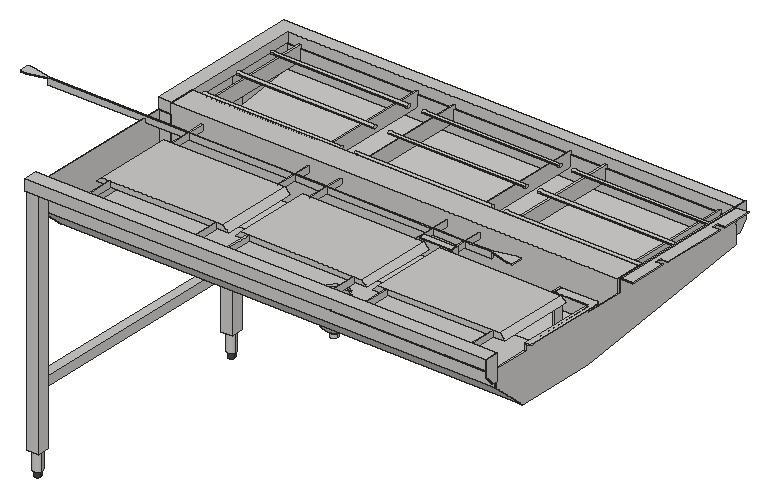
Revit family "QF_ELECTROLUXPROFESSIONAL_865464_HSDDPTS3RL", category Specialty Equipment, Revit 2018
Family settings
  Round Connector Dimension = Use Diameter
  Part Type = Normal
  Work Plane-Based = No
  Always vertical = Yes
  Cut with Voids When Loaded = No
  Shared = No
  Room Calculation Point = No
Parameters (values of type "QF_ELECTROLUX_865464_HSDDPTS3RL")
  Weight = 42.00 kg
  Watts = 0 W
  Volts = 0 V
  URL Manufacturer = "http://professional.electrolux.com"
  URL = "http://professional.electrolux.com"
  Steam Supply Size = 0 mm
  Steam Supply Minimum Pressure = 0.0 Pa
  Steam Supply Maximum Pressure = 0.0 Pa
  Steam Pounds per Hour = 0
  Refrigeration Suction Line Size = 0 mm
  Refrigeration Liquid Line Size = 0 mm
  Refrigerant Compressor Remote = yes
  Manufacturer = "Electrolux"
  Phase = 0
  Model = "HSDDPTS3RL"
  Length Actual = 1576 mm  # constant formula
  Item Number = "865464"
  Hot Water Size = 0 mm
  Height Actual = 910 mm  # constant formula
  HP = "0 HP"
  Gas Size = 0 mm
  Gas KW = 0
  Gas Input Pressure = 0 W
  Description = "PASS-THROUGH AUTOMATIC STACKING TABLE, DISHWASHER DRIVEN, 3 BASKETS, LEFT>RIGHT, 1620 MM"
  Depth Actual = 1110 mm  # constant formula
  Cycle = 0 Hz
  Condensate Return Size = 0 mm
  Compressed Air Volume = 0.0 L/s
  Compressed Air Size = 0 mm
  Compressed Air Pressure = 0.0 Pa
  Cold Water Size = 0 mm
  Accessory = yes
Reference planes
  plane 1 "Center (Front/Back)": y = 0
  plane 2: z = 0
  plane 3 "Center (Left/Right)": x = 0
  plane 4 "RIGHT": x = 811.25
  plane 5: z = 910
  plane 6: z = 835
  plane 7: z = 1170
  plane 8: z = 80
  plane 9: z = 20
  plane 10: z = 280
  plane 11 "BACK": y = 310
  plane 12: z = 875
  plane 13 "FRONT": y = -800
  plane 14 "LEFT": x = -811.25
  plane 15: x = 767.5
  plane 16: y = -180
  plane 17: x = -700.311
  plane 18: x = -250
Forms (mm)
  Extrusion 1, solid, material "QF_Finishes_Stainless Steel"
    sketch origin (0, -490, 0) x (-1, 0, 0) y (0, -1, 0)
      loop
        line (811.25, -800) -> (811.25, -262.5) -> (765.937, -262.5) -> (765.937, -757.5) -> (-765, -757.5) -> (-765, -800) -> (811.25, -800)
      loop
        line (811.25, 262.5) -> (811.25, 310) -> (-765, 310) -> (-765, 262.5) -> (811.25, 262.5)
    from 875 to 910
  Extrusion 2, solid, material "QF_Finishes_Stainless Steel"
    sketch origin (0, -490, 0) x (0, -1, 0) y (0, 0, 1)
      loop
        line (-757.5, 875) -> (-757.5, 795) -> (-123.728, 705.929) -> (156.272, 705.929) -> (267.5, 804) -> (267.5, 875) -> (262.5, 875) -> (262.5, 806.257) -> (154.382, 710.929) -> (-123.379, 710.929) -> (-752.5, 799.346) -> (-752.5, 875) -> (-757.5, 875)
    from -765 to 770
  Extrusion 3, solid, material "QF_Finishes_Stainless Steel"
    sketch origin (-770, -490, 0) x (0, -1, 0) y (0, 0, 1)
      loop
        line (-757.5, 875) -> (-757.5, 795) -> (-262.5, 725.432) -> (-262.5, 875) -> (-757.5, 875)
    from 0 to -4.063
  Revolve 4, solid, material "QF_Finishes_Stainless Steel"
    sketch origin (-0.025, -490, -123.199) x (-1, 0, 0) y (0, 0, 1)
      loop
        line (47.796, 829.129) -> (40.755, 829.129) -> (40.755, 806.869) -> (40.755, 753.32)
        arc (40.755, 753.32) -> (32.943, 737.659) -> (18.356, 727.988) r 33.866
        line (18.356, 727.988) -> (10, 719.632) -> (10, 701.644) -> (12.23, 701.644) -> (12.23, 714.464) -> (13.32, 714.464) -> (13.32, 717.952) -> (16.04, 720.672) -> (18.885, 720.672) -> (18.885, 722.908)
        arc (18.885, 722.908) -> (36.491, 734.125) -> (45.755, 752.833) r 38.866
        line (45.755, 752.833) -> (45.755, 806.869) -> (43.695, 810.438)
        arc (43.695, 810.438) -> (43.401, 811.915) -> (44.067, 813.266) r 2.343
        line (44.067, 813.266) -> (45.755, 814.954) -> (45.755, 821.606) -> (48.941, 821.606) -> (48.941, 825.077) -> (47.796, 825.077) -> (47.796, 829.129)
      axis (0, 829.129) -> (0, 701.644)
    angle from 0 to 360
  Extrusion 5, solid, material "QF_Finishes_Stainless Steel"
    sketch origin (0, -452.5, 0) x (-1, 0, 0) y (0, -1, 0)
      loop
        line (-765, -310) -> (765.937, -310) -> (765.937, -220) -> (-765, -220) -> (-765, -310)
    from 745 to 910
  Extrusion 6, solid, material "QF_Finishes_Stainless Steel"
    sketch origin (0, -490, 0) x (-1, 0, 0) y (0, -1, 0)
      loop
        line (-205.191, -757.5) -> (-200.191, -757.5) -> (-200.191, -310) -> (-205.191, -310) -> (-205.191, -757.5)
      loop
        line (194.809, -757.5) -> (199.809, -757.5) -> (199.809, -310) -> (194.809, -310) -> (194.809, -757.5)
      loop
        line (-718.169, -757.5) -> (-713.169, -757.5) -> (-713.169, -310) -> (-718.169, -310) -> (-718.169, -757.5)
      loop
        line (-325.191, -757.5) -> (-320.191, -757.5) -> (-320.191, -310) -> (-325.191, -310) -> (-325.191, -757.5)
      loop
        line (726.441, -757.5) -> (726.441, -310) -> (721.441, -310) -> (721.441, -757.5) -> (726.441, -757.5)
      loop
        line (325.191, -757.5) -> (325.191, -310) -> (320.191, -310) -> (320.191, -757.5) -> (325.191, -757.5)
    from 835 to 884.759
  Extrusion 7, solid, material "QF_Finishes_Stainless Steel"
    sketch origin (-1815.382, -757.5, 0) x (0, -1, 0) y (0, 0, -1)
      loop
        circle (-793.75, -889.759) r 5
      loop
        circle (-648.75, -889.759) r 5
      loop
        circle (-938.75, -889.759) r 5
    from 1064.528 to 1534.54
  Extrusion 8, solid, material "QF_Finishes_Stainless Steel"
    sketch origin (770, -490, 0) x (0, -1, 0) y (0, 0, -1)
      loop
        line (-757.5, -910) -> (-262.5, -910) -> (-262.5, -864.124) -> (-123.728, -864.124) -> (-123.728, -884.066) -> (140.368, -884.066) -> (140.368, -864.124) -> (267.5, -864.124) -> (267.5, -804) -> (156.272, -705.929) -> (-123.728, -705.929) -> (-757.5, -795) -> (-757.5, -910)
    from 0 to -5
  Extrusion 9, solid, material "QF_Finishes_Stainless Steel"
    sketch origin (-44, -510, 0) x (-1, 0, 0) y (0, -1, 0)
      loop
        line (721.25, 287.5) -> (721.25, 247.5) -> (761.25, 247.5) -> (761.25, 287.5) -> (721.25, 287.5)
      loop
        line (721.25, -542.048) -> (721.25, -582.048) -> (761.25, -582.048) -> (761.25, -542.048) -> (721.25, -542.048)
    from 80 to 875
  Extrusion 10, solid, material "QF_Finishes_Black"
    sketch origin (-64, -490, 0) x (-1, 0, 0) y (0, -1, 0)
      loop
        circle (721.25, 287.5) r 10
    from 0 to 20
  Extrusion 11, solid, material "QF_Finishes_Stainless Steel"
    sketch origin (-64, -490, 0) x (-1, 0, 0) y (0, -1, 0)
      loop
        circle (721.25, 287.5) r 15
    from 20 to 80
  Extrusion 12, solid, material "QF_Finishes_Stainless Steel"
    sketch origin (6, -490, -599.081) x (-1, 0, 0) y (0, -1, 0)
      loop
        line (776.25, 267.5) -> (776.25, -522.048) -> (806.25, -522.048) -> (806.25, 267.5) -> (776.25, 267.5)
    from 869.081 to 899.081
  Extrusion 13, solid, material "QF_Finishes_Stainless Steel"
    sketch origin (0, -490, 0) x (1, 0, 0) y (0, 1, 0)
      loop
        line (237.5, -267.5) -> (237.5, -310) -> (767.5, -310) -> (767.5, -267.5) -> (237.5, -267.5)
    from 875 to 877
  Extrusion 14, solid, material "QF_Finishes_Black"
    sketch origin (-64, 339.548, 0) x (-1, 0, 0) y (0, -1, 0)
      loop
        circle (721.25, 287.5) r 10
    from 0 to 20
  Extrusion 15, solid, material "QF_Finishes_Stainless Steel"
    sketch origin (-64, 339.548, 0) x (-1, 0, 0) y (0, -1, 0)
      loop
        circle (721.25, 287.5) r 15
    from 20 to 80
  Extrusion 16, solid, material "QF_Finishes_Stainless Steel"
    sketch origin (1815.382, -757.5, 0) x (0, -1, 0) y (0, 0, 1)
      loop
        circle (-793.75, 889.759) r 5
      loop
        circle (-648.75, 889.759) r 5
      loop
        circle (-938.75, 889.759) r 5
    from 1064.528 to 1534.54
  Extrusion 17, solid, material "QF_Finishes_Stainless Steel"
    sketch origin (1302.404, -757.5, 0) x (0, -1, 0) y (0, 0, 1)
      loop
        circle (-793.75, 889.759) r 5
      loop
        circle (-648.75, 889.759) r 5
      loop
        circle (-938.75, 889.759) r 5
    from 1064.528 to 1534.54
  Extrusion 18, solid, material "QF_Finishes_Stainless Steel"
    sketch origin (765, -222.5, 0) x (0, 1, 0) y (0, 0, 1)
      loop
        line (490, 910) -> (490, 825) -> (506.519, 825) -> (532.5, 855) -> (532.5, 910) -> (490, 910)
    from 0 to 5
  Extrusion 19, solid, material "QF_Finishes_Stainless Steel"
    sketch origin (765, -267.5, 0) x (0, -1, 0) y (0, 0, -1)
      loop
        line (490, -910) -> (532.5, -910) -> (532.5, -855) -> (506.519, -825) -> (490, -825) -> (490, -910)
    from 0 to 5
  Extrusion 20, solid, material "QF_Finishes_Stainless Steel"
    sketch origin (0, 0, 114.029) x (1, 0, 0) y (0, 1, 0)
      loop
        line (770, 267.5) -> (770, -227.5) -> (811.25, -227.5) -> (811.25, -96.25) -> (786.25, -96.25) -> (786.25, -76.25) -> (811.25, -76.25) -> (811.25, 146.25) -> (786.25, 146.25) -> (786.25, 166.25) -> (811.25, 166.25) -> (811.25, 267.5) -> (770, 267.5)
    from 792.971 to 795.971
  Extrusion 21, void
    sketch origin (0, 0, 0) x (1, 0, 0) y (0, 1, 0)
      loop
        arc (45.72, -489.272) -> (-0.026, -443.525) -> (-45.773, -489.272) r 45.747
        line (-45.773, -489.272) -> (45.72, -489.272)
      loop
        arc (-45.758, -491.85) -> (-0.026, -536.066) -> (45.705, -491.85) r 45.757
        line (45.705, -491.85) -> (-45.758, -491.85)
    from 518.324 to 910
  Extrusion 22, solid, material "QF_Finishes_Stainless Steel"
    sketch origin (-770, -1020, 0) x (0, -1, 0) y (0, 0, 1)
      loop
        line (-792.5, 875) -> (-792.5, 725.432) -> (-653.728, 705.929) -> (-373.728, 705.929) -> (-262.5, 804) -> (-262.5, 875) -> (-792.5, 875)
    from 41.25 to 36.25
  Extrusion 23, solid, material "QF_Finishes_Stainless Steel"
    sketch origin (0, 0, 0) x (1, 0, 0) y (0, 1, 0)
      loop
        line (-806.25, -227.5) -> (-806.25, -232.5) -> (-765.937, -232.5) -> (-765.937, -227.5) -> (-806.25, -227.5)
    from 725.432 to 875
  Extrusion 24, solid, material "QF_Finishes_Stainless Steel"
    sketch origin (770, 267.5, 0) x (0, 1, 0) y (0, 0, -1)
      loop
        line (-500, -729.779) -> (-500, -724.73) -> (-633.772, -705.929) -> (-913.772, -705.929) -> (-1025, -804) -> (-1025, -875) -> (-1020, -875) -> (-1020, -806.257) -> (-911.882, -710.929) -> (-634.121, -710.929) -> (-500, -729.779)
    from 1540 to 1576.25
  Extrusion 25, solid, material "QF_Finishes_Stainless Steel"
    sketch origin (0, 0, 0) x (1, 0, 0) y (0, 1, 0)
      loop
        line (-699.617, -752.5) -> (-683.518, -746.64) -> (-595.698, -746.64) -> (-577.664, -752.5) -> (-535.54, -752.5) -> (-519.441, -746.64) -> (-432.42, -746.64) -> (-414.386, -752.5) -> (-370.924, -752.5) -> (-354.825, -746.64) -> (-266.884, -746.64) -> (-250.785, -752.5) -> (-250.101, -750.621) -> (-266.531, -744.64) -> (-355.178, -744.64) -> (-371.277, -750.5) -> (-414.07, -750.5) -> (-432.104, -744.64) -> (-519.794, -744.64) -> (-535.893, -750.5) -> (-577.347, -750.5) -> (-595.381, -744.64) -> (-683.87, -744.64) -> (-700.301, -750.621) -> (-699.617, -752.5)
    from 864.124 to 900.276
  Extrusion 26, solid, material "QF_Finishes_Stainless Steel"
    sketch origin (472.5, 0, 0) x (1, 0, 0) y (0, 1, 0)
      loop
        line (-699.617, -752.5) -> (-683.518, -746.64) -> (-595.698, -746.64) -> (-577.664, -752.5) -> (-535.54, -752.5) -> (-519.441, -746.64) -> (-432.42, -746.64) -> (-414.386, -752.5) -> (-370.924, -752.5) -> (-354.825, -746.64) -> (-266.884, -746.64) -> (-250.785, -752.5) -> (-250.101, -750.621) -> (-266.531, -744.64) -> (-355.178, -744.64) -> (-371.277, -750.5) -> (-414.07, -750.5) -> (-432.104, -744.64) -> (-519.794, -744.64) -> (-535.893, -750.5) -> (-577.347, -750.5) -> (-595.381, -744.64) -> (-683.87, -744.64) -> (-700.301, -750.621) -> (-699.617, -752.5)
    from 864.124 to 900.276
  Extrusion 27, solid, material "QF_Finishes_Stainless Steel"
    sketch origin (922.687, 0, 0) x (1, 0, 0) y (0, 1, 0)
      loop
        line (-648.367, -752.5) -> (-632.268, -746.64) -> (-569.448, -746.64) -> (-551.414, -752.5) -> (-509.29, -752.5) -> (-493.191, -746.64) -> (-408.67, -746.64) -> (-390.636, -752.5) -> (-347.174, -752.5) -> (-331.075, -746.64) -> (-266.884, -746.64) -> (-250.785, -752.5) -> (-250.101, -750.621) -> (-266.531, -744.64) -> (-331.428, -744.64) -> (-347.527, -750.5) -> (-390.32, -750.5) -> (-408.354, -744.64) -> (-493.544, -744.64) -> (-509.643, -750.5) -> (-551.097, -750.5) -> (-569.131, -744.64) -> (-632.62, -744.64) -> (-649.051, -750.621) -> (-648.367, -752.5)
    from 864.124 to 900.276
  Extrusion 28, solid, material "QF_Finishes_Stainless Steel"
    sketch origin (0, 0, 32.92) x (1, 0, 0) y (0, 1, 0)
      loop
        line (383.223, -289.49) -> (-1136.777, -289.49) -> (-1136.777, -294.49) -> (383.223, -294.49) -> (383.223, -289.49)
    from 831.203 to 851.145
  Extrusion 29, solid, material "QF_Finishes_Stainless Steel"
    sketch origin (-753.554, 0, 32.92) x (-1, 0, 0) y (0, -1, 0)
      loop
        line (383.223, 294.49) -> (383.223, 289.49) -> (447.724, 272.207) -> (462.724, 272.207)
        arc (462.724, 272.207) -> (466.259, 273.672) -> (467.724, 277.207) r 5
        line (467.724, 277.207) -> (467.724, 305.24)
        arc (467.724, 305.24) -> (466.259, 308.776) -> (462.724, 310.24) r 5
        line (462.724, 310.24) -> (447.724, 310.24) -> (383.223, 294.49)
    from 851.145 to 848.645
  Extrusion 30, solid, material "QF_Finishes_Stainless Steel"
    sketch origin (0, 0, 32.92) x (1, 0, 0) y (0, 0, 1)
      loop
        line (-700.311, 835) -> (-250, 835) -> (-267.678, 852.678) -> (-682.633, 852.678) -> (-700.311, 835)
    from 366.272 to 630.368
  Extrusion 31, solid, material "QF_Finishes_Stainless Steel"
    sketch origin (475, 0, 32.92) x (1, 0, 0) y (0, 0, 1)
      loop
        line (-700.311, 835) -> (-250, 835) -> (-267.678, 852.678) -> (-682.633, 852.678) -> (-700.311, 835)
    from 366.272 to 630.368
  Extrusion 32, solid, material "QF_Finishes_Stainless Steel"
    sketch origin (945, 0, 32.92) x (1, 0, 0) y (0, 0, 1)
      loop
        line (-700.311, 835) -> (-250, 835) -> (-267.678, 852.678) -> (-682.633, 852.678) -> (-700.311, 835)
    from 366.272 to 630.368
  Extrusion 33, solid, material "QF_Finishes_Stainless Steel"
    sketch origin (0, 0, 32.92) x (1, 0, 0) y (0, 1, 0)
      loop
        line (-658.514, -744.64) -> (-654.881, -744.64) -> (-654.881, -227.5) -> (-658.514, -227.5) -> (-658.514, -744.64)
    from 831.203 to 851.18
  Extrusion 34, solid, material "QF_Finishes_Stainless Steel"
    sketch origin (362.896, 0, 32.92) x (1, 0, 0) y (0, 1, 0)
      loop
        line (-658.514, -744.64) -> (-654.881, -744.64) -> (-654.881, -227.5) -> (-658.514, -227.5) -> (-658.514, -744.64)
    from 831.203 to 851.203
  Extrusion 35, solid, material "QF_Finishes_Stainless Steel"
    sketch origin (472.896, 0, 32.92) x (1, 0, 0) y (0, 1, 0)
      loop
        line (-658.514, -744.64) -> (-654.881, -744.64) -> (-654.881, -227.5) -> (-658.514, -227.5) -> (-658.514, -744.64)
    from 831.203 to 851.203
  Extrusion 36, solid, material "QF_Finishes_Stainless Steel"
    sketch origin (835.593, 0, 32.92) x (1, 0, 0) y (0, 1, 0)
      loop
        line (-658.514, -744.64) -> (-654.881, -744.64) -> (-654.881, -227.5) -> (-658.514, -227.5) -> (-658.514, -744.64)
    from 831.203 to 851.145
  Extrusion 37, solid, material "QF_Finishes_Stainless Steel"
    sketch origin (946.257, 0, 32.92) x (1, 0, 0) y (0, 1, 0)
      loop
        line (-658.514, -744.64) -> (-654.881, -744.64) -> (-654.881, -227.5) -> (-658.514, -227.5) -> (-658.514, -744.64)
    from 831.203 to 851.145
  Extrusion 38, solid, material "QF_Finishes_Stainless Steel"
    sketch origin (1309.037, 0, 32.92) x (1, 0, 0) y (0, 1, 0)
      loop
        line (-658.514, -744.64) -> (-654.881, -744.64) -> (-654.881, -366.272) -> (-658.514, -366.272) -> (-658.514, -744.64)
    from 831.203 to 851.145
  Extrusion 39, solid, material "QF_Finishes_Stainless Steel"
    sketch origin (0, 0, 33.019) x (1, 0, 0) y (0, 1, 0)
      loop
        line (383.223, -294.49) -> (447.724, -310.24) -> (462.724, -310.24)
        arc (462.724, -310.24) -> (466.259, -308.776) -> (467.724, -305.24) r 5
        line (467.724, -305.24) -> (467.724, -277.207)
        arc (467.724, -277.207) -> (466.259, -273.672) -> (462.724, -272.207) r 5
        line (462.724, -272.207) -> (447.724, -272.207) -> (383.223, -289.49) -> (383.223, -294.49)
    from 848.546 to 851.046
  Extrusion 40, solid, material "QF_Finishes_Stainless Steel"
    sketch origin (0, 0, 0) x (1, 0, 0) y (0, 1, 0)
      loop
        line (650.523, -361.75) -> (765, -361.75) -> (765, -630.368) -> (771.058, -630.368)
        arc (771.058, -630.368) -> (779.737, -626.773) -> (783.332, -618.094) r 12.274
        line (783.332, -618.094) -> (783.332, -346.272)
        arc (783.332, -346.272) -> (778.938, -335.665) -> (768.332, -331.272) r 15
        line (768.332, -331.272) -> (650.523, -331.272) -> (650.523, -361.75)
    from 884.066 to 885.598
  Extrusion 41, solid, material "QF_Finishes_Stainless Steel"
    sketch origin (0, 0, 0) x (1, 0, 0) y (0, 1, 0)
      loop
        line (291.376, -332.366) -> (180.712, -332.366) -> (180.712, -355.15) -> (291.376, -355.15) -> (291.376, -332.366)
    from 884.066 to 885.598
  Extrusion 42, solid, material "QF_Finishes_Stainless Steel"
    sketch origin (296.369, -743.455, 32.92) x (0, -1, 0) y (0, 0, 1)
      loop
        line (-411.09, 852.678) -> (-411.09, 684.093) -> (-388.305, 684.093) -> (-388.305, 852.678) -> (-411.09, 852.678)
    from 0 to 4.993
  Extrusion 43, solid, material "QF_Finishes_Stainless Steel"
    sketch origin (650.523, -604.684, 32.92) x (0, -1, 0) y (0, 0, 1)
      loop
        line (-273.412, 852.678) -> (-273.412, 684.093) -> (-243.412, 684.093) -> (-243.412, 852.678) -> (-273.412, 852.678)
    from 0 to 4.993
Cuts and joins
  Extrusion 21 cuts Extrusion 2
  joined: Extrusion 2, Extrusion 24
  joined: Extrusion 22, Extrusion 23
  joined: Extrusion 28, Extrusion 30, Extrusion 31, Extrusion 32, Extrusion 33, Extrusion 34, Extrusion 35, Extrusion 36, Extrusion 37, Extrusion 38
Lines and regions (mm)
  symbolic lines
    curve 1: line (768.972, 310, 0) -> (-811.25, 310, 0)
    curve 2: line (-811.25, 310, 0) -> (-811.25, -227.5, 0)
    curve 3: line (-811.25, -227.5, 0) -> (-765.937, -227.5, 0)
    curve 4: line (-765.937, -142.5, 0) -> (765, -142.5, 0)
    curve 5: line (765, -232.5, 0) -> (-765.937, -232.5, 0)
    curve 6: line (-765.937, -232.5, 0) -> (-765.937, 267.5, 0)
    curve 7: line (-765.937, 267.5, 0) -> (768.972, 267.5, 0)
    curve 8: line (768.972, 310, 0) -> (768.972, 267.5, 0)
    curve 9: line (-811.25, -227.5, 0) -> (-811.25, -289.49, 0)
    curve 10: line (-811.25, -294.49, 0) -> (-811.25, -800, 0)
    curve 11: line (-811.25, -800, 0) -> (770, -800, 0)
    curve 12: line (-811.25, -752.5, 0) -> (770, -752.5, 0)
    curve 13: line (770, -752.5, 0) -> (770, -800, 0)
    curve 14: line (768.972, 267.5, 0) -> (811.25, 267.5, 0)
    curve 15: line (811.25, 267.5, 0) -> (811.25, 166.25, 0)
    curve 16: line (811.25, 166.25, 0) -> (786.25, 166.25, 0)
    curve 17: line (786.25, 166.25, 0) -> (786.25, 146.25, 0)
    curve 18: line (786.25, 146.25, 0) -> (811.25, 146.25, 0)
    curve 19: line (811.25, 146.25, 0) -> (811.25, -76.25, 0)
    curve 20: line (811.25, -76.25, 0) -> (786.25, -76.25, 0)
    curve 21: line (786.25, -76.25, 0) -> (786.25, -96.25, 0)
    curve 22: line (786.25, -96.25, 0) -> (811.25, -96.25, 0)
    curve 23: line (811.25, -96.25, 0) -> (811.25, -227.5, 0)
    curve 24: line (811.25, -227.5, 0) -> (768.972, -227.5, 0)
    curve 25: line (768.972, 267.5, 0) -> (768.972, -331.278, 0)
    curve 26: arc (768.972, -331.278, 0) -> (779.161, -335.893, 0) -> (783.332, -346.272, 0) r 15.013
    curve 27: line (783.332, -346.272, 0) -> (783.332, -618.094, 0)
    curve 28: arc (770, -630.368, 0) -> (779.358, -627.155, 0) -> (783.332, -618.094, 0) r 12.316
    curve 29: line (770, -630.368, 0) -> (770, -752.5, 0)
    curve 30: line (765, -361.75, 0) -> (765, -630.368, 0)
    curve 31: line (765, -630.368, 0) -> (770, -630.368, 0)
    curve 32: line (765, -361.75, 0) -> (645.53, -361.75, 0)
    curve 33: line (645.53, -361.75, 0) -> (645.53, -331.272, 0)
    curve 34: line (645.53, -331.272, 0) -> (768.972, -331.278, 0)
    curve 35: line (244.689, -366.272, 0) -> (695, -366.272, 0)
    curve 36: line (244.689, -630.368, 0) -> (244.689, -366.272, 0)
    curve 37: line (695, -630.368, 0) -> (244.689, -630.368, 0)
    curve 38: line (695, -366.272, 0) -> (695, -630.368, 0)
    curve 39: line (-225.311, -366.272, 0) -> (225, -366.272, 0)
    curve 40: line (-225.311, -630.368, 0) -> (-225.311, -366.272, 0)
    curve 41: line (225, -630.368, 0) -> (-225.311, -630.368, 0)
    curve 42: line (225, -366.272, 0) -> (225, -630.368, 0)
    curve 43: line (-700.311, -366.272, 0) -> (-250, -366.272, 0)
    curve 44: line (-700.311, -630.368, 0) -> (-700.311, -366.272, 0)
    curve 45: line (-250, -630.368, 0) -> (-700.311, -630.368, 0)
    curve 46: line (-250, -366.272, 0) -> (-250, -630.368, 0)
    curve 47: line (180.712, -332.366, 0) -> (296.369, -332.366, 0)
    curve 48: line (180.712, -355.15, 0) -> (180.712, -332.366, 0)
    curve 49: line (296.369, -355.15, 0) -> (180.712, -355.15, 0)
    curve 50: line (296.369, -332.366, 0) -> (296.369, -355.15, 0)
    curve 51: line (-1221.278, -277.207, 0) -> (-1221.278, -305.24, 0)
    curve 52: arc (-1221.278, -305.24, 0) -> (-1219.814, -308.776, 0) -> (-1216.278, -310.24, 0) r 5
    curve 53: line (-1216.278, -310.24, 0) -> (-1201.278, -310.24, 0)
    curve 54: line (-1201.278, -310.24, 0) -> (-1136.777, -294.49, 0)
    curve 55: line (-1136.777, -294.49, 0) -> (-1136.777, -289.49, 0)
    curve 56: line (-1136.777, -289.49, 0) -> (-1201.278, -272.207, 0)
    curve 57: line (-1201.278, -272.207, 0) -> (-1216.278, -272.207, 0)
    curve 58: arc (-1216.278, -272.207, 0) -> (-1219.814, -273.672, 0) -> (-1221.278, -277.207, 0) r 5
    curve 59: line (383.223, -289.49, 0) -> (-1136.777, -289.49, 0)
    curve 60: line (-1136.777, -294.49, 0) -> (383.223, -294.49, 0)
    curve 61: line (383.223, -294.49, 0) -> (447.724, -310.24, 0)
    curve 62: line (447.724, -310.24, 0) -> (462.724, -310.24, 0)
    curve 63: arc (462.724, -310.24, 0) -> (466.259, -308.776, 0) -> (467.724, -305.24, 0) r 5
    curve 64: line (467.724, -305.24, 0) -> (467.724, -277.207, 0)
    curve 65: arc (467.724, -277.207, 0) -> (466.259, -273.672, 0) -> (462.724, -272.207, 0) r 5
    curve 66: line (462.724, -272.207, 0) -> (447.724, -272.207, 0)
    curve 67: line (447.724, -272.207, 0) -> (383.223, -289.49, 0)
    curve 68: line (383.223, -289.49, 0) -> (383.223, -294.49, 0)
    curve 69: line (180.712, -232.5, 0) -> (180.712, -289.49, 0)
    curve 70: line (177.079, -232.5, 0) -> (177.079, -289.49, 0)
    curve 71: line (180.712, -294.49, 0) -> (180.712, -332.366, 0)
    curve 72: line (180.712, -355.15, 0) -> (180.712, -366.272, 0)
    curve 73: line (177.079, -294.49, 0) -> (177.079, -366.272, 0)
    curve 74: line (-181.985, -232.5, 0) -> (-181.985, -289.49, 0)
    curve 75: line (-181.985, -294.49, 0) -> (-181.985, -366.272, 0)
    curve 76: line (-185.44, -232.5, 0) -> (-185.44, -289.49, 0)
    curve 77: line (-185.618, -294.49, 0) -> (-185.618, -366.272, 0)
    curve 78: line (-291.985, -232.5, 0) -> (-291.985, -289.49, 0)
    curve 79: line (-291.985, -294.49, 0) -> (-291.985, -366.272, 0)
    curve 80: line (-295.618, -232.5, 0) -> (-295.618, -289.49, 0)
    curve 81: line (-295.618, -294.49, 0) -> (-295.618, -366.272, 0)
    curve 82: line (-654.881, -232.5, 0) -> (-654.881, -289.49, 0)
    curve 83: line (-654.881, -294.49, 0) -> (-654.881, -366.272, 0)
    curve 84: line (-658.514, -232.5, 0) -> (-658.514, -289.49, 0)
    curve 85: line (-658.514, -294.49, 0) -> (-658.514, -366.272, 0)
    curve 86: line (-658.514, -630.368, 0) -> (-658.514, -744.64, 0)
    curve 87: line (-654.881, -630.368, 0) -> (-654.881, -744.64, 0)
    curve 88: line (-295.618, -630.368, 0) -> (-295.618, -744.64, 0)
    curve 89: line (-291.985, -630.368, 0) -> (-291.985, -744.64, 0)
    curve 90: line (-185.618, -630.368, 0) -> (-185.618, -744.64, 0)
    curve 91: line (-181.985, -630.368, 0) -> (-181.985, -744.64, 0)
    curve 92: line (177.079, -630.368, 0) -> (177.079, -744.64, 0)
    curve 93: line (180.712, -630.368, 0) -> (180.712, -744.64, 0)
    curve 94: line (287.743, -630.368, 0) -> (287.743, -744.64, 0)
    curve 95: line (291.376, -630.368, 0) -> (291.376, -744.64, 0)
    curve 96: line (654.156, -630.368, 0) -> (654.156, -744.64, 0)
    curve 97: line (650.523, -630.368, 0) -> (650.523, -744.64, 0)
    curve 98: line (-683.87, -744.64, 0) -> (-700.301, -750.621, 0)
    curve 99: line (-700.301, -750.621, 0) -> (-699.617, -752.5, 0)
    curve 100: line (-699.617, -752.5, 0) -> (-683.518, -746.64, 0)
    curve 101: line (-683.518, -746.64, 0) -> (-595.698, -746.64, 0)
    curve 102: line (-595.698, -746.64, 0) -> (-577.664, -752.5, 0)
    curve 103: line (-535.54, -752.5, 0) -> (-519.441, -746.64, 0)
    curve 104: line (-519.441, -746.64, 0) -> (-432.42, -746.64, 0)
    curve 105: line (-432.42, -746.64, 0) -> (-414.386, -752.5, 0)
    curve 106: line (-370.924, -752.5, 0) -> (-354.825, -746.64, 0)
    curve 107: line (-354.825, -746.64, 0) -> (-266.884, -746.64, 0)
    curve 108: line (-266.884, -746.64, 0) -> (-250.785, -752.5, 0)
    curve 109: line (-250.785, -752.5, 0) -> (-250.101, -750.621, 0)
    curve 110: line (-250.101, -750.621, 0) -> (-266.531, -744.64, 0)
    curve 111: line (-266.531, -744.64, 0) -> (-355.178, -744.64, 0)
    curve 112: line (-355.178, -744.64, 0) -> (-371.277, -750.5, 0)
    curve 113: line (-371.277, -750.5, 0) -> (-414.07, -750.5, 0)
    curve 114: line (-414.07, -750.5, 0) -> (-432.104, -744.64, 0)
    curve 115: line (-432.104, -744.64, 0) -> (-519.794, -744.64, 0)
    curve 116: line (-519.794, -744.64, 0) -> (-535.893, -750.5, 0)
    curve 117: line (-535.893, -750.5, 0) -> (-577.347, -750.5, 0)
    curve 118: line (-577.347, -750.5, 0) -> (-595.381, -744.64, 0)
    curve 119: line (-595.381, -744.64, 0) -> (-683.87, -744.64, 0)
    curve 120: line (-122.881, -744.64, 0) -> (-211.37, -744.64, 0)
    curve 121: line (-211.37, -744.64, 0) -> (-227.801, -750.621, 0)
    curve 122: line (-227.801, -750.621, 0) -> (-227.117, -752.5, 0)
    curve 123: line (-227.117, -752.5, 0) -> (-211.018, -746.64, 0)
    curve 124: line (-211.018, -746.64, 0) -> (-123.198, -746.64, 0)
    curve 125: line (-123.198, -746.64, 0) -> (-105.164, -752.5, 0)
    curve 126: line (-63.04, -752.5, 0) -> (-46.941, -746.64, 0)
    curve 127: line (-46.941, -746.64, 0) -> (40.08, -746.64, 0)
    curve 128: line (40.08, -746.64, 0) -> (58.114, -752.5, 0)
    curve 129: line (101.576, -752.5, 0) -> (117.675, -746.64, 0)
    curve 130: line (117.675, -746.64, 0) -> (205.616, -746.64, 0)
    curve 131: line (205.616, -746.64, 0) -> (221.715, -752.5, 0)
    curve 132: line (221.715, -752.5, 0) -> (222.399, -750.621, 0)
    curve 133: line (222.399, -750.621, 0) -> (205.969, -744.64, 0)
    curve 134: line (205.969, -744.64, 0) -> (117.322, -744.64, 0)
    curve 135: line (117.322, -744.64, 0) -> (101.223, -750.5, 0)
    curve 136: line (101.223, -750.5, 0) -> (58.43, -750.5, 0)
    curve 137: line (58.43, -750.5, 0) -> (40.396, -744.64, 0)
    curve 138: line (40.396, -744.64, 0) -> (-47.294, -744.64, 0)
    curve 139: line (-47.294, -744.64, 0) -> (-63.393, -750.5, 0)
    curve 140: line (-63.393, -750.5, 0) -> (-104.847, -750.5, 0)
    curve 141: line (-104.847, -750.5, 0) -> (-122.881, -744.64, 0)
    curve 142: line (353.556, -744.64, 0) -> (290.066, -744.64, 0)
    curve 143: line (290.066, -744.64, 0) -> (273.636, -750.621, 0)
    curve 144: line (273.636, -750.621, 0) -> (274.32, -752.5, 0)
    curve 145: line (274.32, -752.5, 0) -> (290.419, -746.64, 0)
    curve 146: line (290.419, -746.64, 0) -> (353.239, -746.64, 0)
    curve 147: line (353.239, -746.64, 0) -> (371.273, -752.5, 0)
    curve 148: line (413.396, -752.5, 0) -> (429.495, -746.64, 0)
    curve 149: line (429.495, -746.64, 0) -> (514.016, -746.64, 0)
    curve 150: line (514.016, -746.64, 0) -> (532.05, -752.5, 0)
    curve 151: line (575.512, -752.5, 0) -> (591.611, -746.64, 0)
    curve 152: line (591.611, -746.64, 0) -> (655.803, -746.64, 0)
    curve 153: line (655.803, -746.64, 0) -> (671.902, -752.5, 0)
    curve 154: line (671.902, -752.5, 0) -> (672.586, -750.621, 0)
    curve 155: line (672.586, -750.621, 0) -> (656.155, -744.64, 0)
    curve 156: line (656.155, -744.64, 0) -> (591.259, -744.64, 0)
    curve 157: line (591.259, -744.64, 0) -> (575.16, -750.5, 0)
    curve 158: line (575.16, -750.5, 0) -> (532.367, -750.5, 0)
    curve 159: line (532.367, -750.5, 0) -> (514.333, -744.64, 0)
    curve 160: line (514.333, -744.64, 0) -> (429.143, -744.64, 0)
    curve 161: line (429.143, -744.64, 0) -> (413.044, -750.5, 0)
    curve 162: line (413.044, -750.5, 0) -> (371.589, -750.5, 0)
    curve 163: line (371.589, -750.5, 0) -> (353.556, -744.64, 0)
    curve 164: line (-750.854, 186.25, 0) -> (-280.841, 186.25, 0)
    curve 165: line (-750.854, 176.25, 0) -> (-750.854, 186.25, 0)
    curve 166: line (-280.841, 176.25, 0) -> (-750.854, 176.25, 0)
    curve 167: line (-280.841, 186.25, 0) -> (-280.841, 176.25, 0)
    curve 168: line (-750.854, 41.25, 0) -> (-280.841, 41.25, 0)
    curve 169: line (-750.854, 31.25, 0) -> (-750.854, 41.25, 0)
    curve 170: line (-280.841, 31.25, 0) -> (-750.854, 31.25, 0)
    curve 171: line (-280.841, 41.25, 0) -> (-280.841, 31.25, 0)
    curve 172: line (-750.854, -103.75, 0) -> (-280.841, -103.75, 0)
    curve 173: line (-750.854, -113.75, 0) -> (-750.854, -103.75, 0)
    curve 174: line (-280.841, -113.75, 0) -> (-750.854, -113.75, 0)
    curve 175: line (-280.841, -103.75, 0) -> (-280.841, -113.75, 0)
    curve 176: line (-232.136, 186.25, 0) -> (237.877, 186.25, 0)
    curve 177: line (-232.136, 176.25, 0) -> (-232.136, 186.25, 0)
    curve 178: line (237.877, 176.25, 0) -> (-232.136, 176.25, 0)
    curve 179: line (237.877, 186.25, 0) -> (237.877, 176.25, 0)
    curve 180: line (-232.136, 41.25, 0) -> (237.877, 41.25, 0)
    curve 181: line (-232.136, 31.25, 0) -> (-232.136, 41.25, 0)
    curve 182: line (237.877, 31.25, 0) -> (-232.136, 31.25, 0)
    curve 183: line (237.877, 41.25, 0) -> (237.877, 31.25, 0)
    curve 184: line (-232.136, -103.75, 0) -> (237.877, -103.75, 0)
    curve 185: line (-232.136, -113.75, 0) -> (-232.136, -103.75, 0)
    curve 186: line (237.877, -113.75, 0) -> (-232.136, -113.75, 0)
    curve 187: line (237.877, -103.75, 0) -> (237.877, -113.75, 0)
    curve 188: line (280.841, 186.25, 0) -> (750.854, 186.25, 0)
    curve 189: line (280.841, 176.25, 0) -> (280.841, 186.25, 0)
    curve 190: line (750.854, 176.25, 0) -> (280.841, 176.25, 0)
    curve 191: line (750.854, 186.25, 0) -> (750.854, 176.25, 0)
    curve 192: line (280.841, 41.25, 0) -> (750.854, 41.25, 0)
    curve 193: line (280.841, 31.25, 0) -> (280.841, 41.25, 0)
    curve 194: line (750.854, 31.25, 0) -> (280.841, 31.25, 0)
    curve 195: line (750.854, 41.25, 0) -> (750.854, 31.25, 0)
    curve 196: line (280.841, -103.75, 0) -> (750.854, -103.75, 0)
    curve 197: line (280.841, -113.75, 0) -> (280.841, -103.75, 0)
    curve 198: line (750.854, -113.75, 0) -> (280.841, -113.75, 0)
    curve 199: line (750.854, -103.75, 0) -> (750.854, -113.75, 0)
    curve 200: line (-726.441, 267.5, 0) -> (-726.441, 186.25, 0)
    curve 201: line (-721.441, 267.5, 0) -> (-721.441, 186.25, 0)
    curve 202: line (-726.441, 176.25, 0) -> (-726.441, 41.25, 0)
    curve 203: line (-721.441, 176.25, 0) -> (-721.441, 41.25, 0)
    curve 204: line (-726.441, 31.25, 0) -> (-726.441, -103.75, 0)
    curve 205: line (-721.441, 31.25, 0) -> (-721.441, -103.75, 0)
    curve 206: line (-726.441, -113.75, 0) -> (-726.441, -142.5, 0)
    curve 207: line (-721.441, -113.75, 0) -> (-721.441, -142.5, 0)
    curve 208: line (-325.191, 267.5, 0) -> (-325.191, 186.25, 0)
    curve 209: line (-320.191, 267.5, 0) -> (-320.191, 186.25, 0)
    curve 210: line (-325.191, 176.25, 0) -> (-325.191, 41.25, 0)
    curve 211: line (-320.191, 176.25, 0) -> (-320.191, 41.25, 0)
    curve 212: line (-325.191, 31.25, 0) -> (-325.191, -103.75, 0)
    curve 213: line (-320.191, 31.25, 0) -> (-320.191, -103.75, 0)
    curve 214: line (-325.191, -113.75, 0) -> (-325.191, -142.5, 0)
    curve 215: line (-320.191, -113.75, 0) -> (-320.191, -142.5, 0)
    curve 216: line (-199.809, 267.5, 0) -> (-199.809, 186.25, 0)
    curve 217: line (-194.809, 267.5, 0) -> (-194.809, 186.25, 0)
    curve 218: line (-199.809, 176.25, 0) -> (-199.809, 41.25, 0)
    curve 219: line (-194.809, 176.25, 0) -> (-194.809, 41.25, 0)
    curve 220: line (-199.809, 31.25, 0) -> (-199.809, -103.75, 0)
    curve 221: line (-194.809, 31.25, 0) -> (-194.809, -103.75, 0)
    curve 222: line (-199.809, -113.75, 0) -> (-199.809, -142.5, 0)
    curve 223: line (-194.809, -113.75, 0) -> (-194.809, -142.5, 0)
    curve 224: line (200.191, 267.5, 0) -> (200.191, 186.25, 0)
    curve 225: line (205.191, 267.5, 0) -> (205.191, 186.25, 0)
    curve 226: line (200.191, 176.25, 0) -> (200.191, 41.25, 0)
    curve 227: line (205.191, 176.25, 0) -> (205.191, 41.25, 0)
    curve 228: line (200.191, 31.25, 0) -> (200.191, -103.75, 0)
    curve 229: line (205.191, 31.25, 0) -> (205.191, -103.75, 0)
    curve 230: line (200.191, -113.75, 0) -> (200.191, -142.5, 0)
    curve 231: line (205.191, -113.75, 0) -> (205.191, -142.5, 0)
    curve 232: line (320.191, 267.5, 0) -> (320.191, 186.25, 0)
    curve 233: line (325.191, 267.5, 0) -> (325.191, 186.25, 0)
    curve 234: line (320.191, 176.25, 0) -> (320.191, 41.25, 0)
    curve 235: line (325.191, 176.25, 0) -> (325.191, 41.25, 0)
    curve 236: line (320.191, 31.25, 0) -> (320.191, -103.75, 0)
    curve 237: line (325.191, 31.25, 0) -> (325.191, -103.75, 0)
    curve 238: line (320.191, -113.75, 0) -> (320.191, -142.5, 0)
    curve 239: line (325.191, -113.75, 0) -> (325.191, -142.5, 0)
    curve 240: line (713.169, 267.5, 0) -> (713.169, 186.25, 0)
    curve 241: line (718.169, 267.5, 0) -> (718.169, 186.25, 0)
    curve 242: line (713.169, 176.25, 0) -> (713.169, 41.25, 0)
    curve 243: line (718.169, 176.25, 0) -> (718.169, 41.25, 0)
    curve 244: line (713.169, 31.25, 0) -> (713.169, -103.75, 0)
    curve 245: line (718.169, 31.25, 0) -> (718.169, -103.75, 0)
    curve 246: line (713.169, -113.75, 0) -> (713.169, -142.5, 0)
    curve 247: line (718.169, -113.75, 0) -> (718.169, -142.5, 0)
    curve 248: line (-45.773, -489.272, 0) -> (45.72, -489.272, 0)
    curve 249: line (45.705, -491.85, 0) -> (-45.758, -491.85, 0)
    curve 250: arc (45.72, -489.272, 0) -> (-0.026, -443.525, 0) -> (-45.773, -489.272, 0) r 45.747
    curve 251: arc (-45.758, -491.85, 0) -> (-0.026, -536.066, 0) -> (45.705, -491.85, 0) r 45.757
    curve 252: arc (9.975, -490, 0) -> (-0.025, -480, 0) -> (-10.025, -490, 0) r 10
    curve 253: arc (-10.025, -490, 0) -> (-0.025, -500, 0) -> (9.975, -490, 0) r 10
Dimensions and locks
  equal spacing: plane 14 "LEFT", plane 3 "Center (Left/Right)", plane 4 "RIGHT"
  plane 5 to level = 910 mm
  plane 11 "BACK" to plane 1 "Center (Front/Back)" = 310 mm
  plane 12 to level = 875 mm
  plane 14 "LEFT" to plane 4 "RIGHT" = 1622.5 mm
  plane 11 "BACK" to plane 13 "FRONT" = 1110 mm
  Extrusion 1 to Extrusion 1 = 1530.937 mm
  Extrusion 1 to Extrusion 9 sketch curve = 237.952 mm
  Extrusion 5 to Extrusion 1 = 520 mm
  equal spacing: Extrusion 7 sketch curve, Extrusion 7 sketch curve, Extrusion 7 sketch curve
  equal spacing: Extrusion 16 sketch curve, Extrusion 16 sketch curve, Extrusion 16 sketch curve
  equal spacing: Extrusion 17 sketch curve, Extrusion 17 sketch curve, Extrusion 17 sketch curve
  aligned and locked: level to plane 2
  aligned and locked: Extrusion 11 to Extrusion 9
Automatic sketch dimensions
  Extrusion 1 sketch curve to plane 11 "BACK" = 0 mm
  Extrusion 1 sketch curve to plane 13 "FRONT" = 0 mm
  Extrusion 1 sketch curve to plane 14 "LEFT" = 0 mm  (x2)
  Extrusion 1 sketch curve to Extrusion 1 sketch curve = 45.312 mm
  Extrusion 1 sketch curve to plane 15 = 2.5 mm  (x2)
  Extrusion 1 sketch curve to Extrusion 1 sketch curve = 42.5 mm
  plane 16 to Extrusion 1 sketch curve = 47.5 mm
  plane 13 "FRONT" to Extrusion 1 sketch curve = 47.5 mm
  plane 12 to Extrusion 2 sketch curve = 0 mm  (x2)
  Extrusion 2 sketch curve to plane 11 "BACK" = 42.5 mm
  Extrusion 2 sketch curve to Extrusion 2 sketch curve = 5 mm  (x3)
  plane 16 to Extrusion 2 sketch curve = 186.272 mm
  Extrusion 2 sketch curve to Extrusion 2 sketch curve = 0.35 mm
  plane 13 "FRONT" to Extrusion 2 sketch curve = 155.618 mm
  Extrusion 2 sketch curve to Extrusion 2 sketch curve = 1.889 mm
  plane 13 "FRONT" to Extrusion 2 sketch curve = 47.5 mm
  Extrusion 2 sketch curve to plane 6 = 28.743 mm
  Extrusion 2 sketch curve to Extrusion 2 sketch curve = 2.257 mm
  Extrusion 2 sketch curve to plane 6 = 35.654 mm
  Extrusion 2 sketch curve to Extrusion 2 sketch curve = 4.346 mm
  Extrusion 2 sketch curve to plane 6 = 124.071 mm
  Extrusion 3 sketch curve to Extrusion 2 = 0 mm  (x3)
  Extrusion 2 to Extrusion 3 sketch curve = 0 mm
  Extrusion 2 to Extrusion 3 sketch curve = 14.503 mm
  Revolve 4 sketch curve to Revolve 4 sketch curve = 0 mm  (x3)
  Revolve 4 sketch curve to plane 3 "Center (Left/Right)" = 7.598 mm
  Revolve 4 sketch curve to plane 3 "Center (Left/Right)" = 10.025 mm
  Revolve 4 sketch curve to Revolve 4 sketch curve = 2.23 mm
  Revolve 4 sketch curve to Revolve 4 sketch curve = 1.091 mm
  Revolve 4 sketch curve to Revolve 4 sketch curve = 2.72 mm  (x2)
  Revolve 4 sketch curve to Revolve 4 sketch curve = 2.316 mm
  Revolve 4 sketch curve to Revolve 4 sketch curve = 2.845 mm
  Revolve 4 sketch curve to plane 3 "Center (Left/Right)" = 40.78 mm
  Revolve 4 sketch curve to Revolve 4 sketch curve = 2.94 mm
  Revolve 4 sketch curve to Revolve 4 sketch curve = 0.372 mm
  Revolve 4 sketch curve to Revolve 4 sketch curve = 2.029 mm
  Revolve 4 sketch curve to Revolve 4 sketch curve = 1.688 mm  (x2)
  Revolve 4 sketch curve to Revolve 4 sketch curve = 2.06 mm
  Revolve 4 sketch curve to Revolve 4 sketch curve = 7.041 mm
  Revolve 4 sketch curve to Revolve 4 sketch curve = 3.187 mm
  Revolve 4 sketch curve to plane 6 = 256.555 mm
  Revolve 4 sketch curve to Revolve 4 sketch curve = 12.82 mm
  Revolve 4 sketch curve to Revolve 4 sketch curve = 3.488 mm
  Revolve 4 sketch curve to Revolve 4 sketch curve = 1.68 mm
  Revolve 4 sketch curve to Revolve 4 sketch curve = 2.236 mm
  Revolve 4 sketch curve to Revolve 4 sketch curve = 5.08 mm
  Revolve 4 sketch curve to Revolve 4 sketch curve = 24.844 mm
  Revolve 4 sketch curve to Revolve 4 sketch curve = 53.549 mm
  Revolve 4 sketch curve to Revolve 4 sketch curve = 3.568 mm
  Revolve 4 sketch curve to Revolve 4 sketch curve = 1.172 mm
  Revolve 4 sketch curve to Revolve 4 sketch curve = 6.652 mm
  Revolve 4 sketch curve to Revolve 4 sketch curve = 3.471 mm
  Revolve 4 sketch curve to Revolve 4 sketch curve = 4.052 mm
  Revolve 4 sketch curve to plane 3 "Center (Left/Right)" = 0.025 mm
  Revolve 4 sketch curve to Revolve 4 sketch curve = 41.644 mm
  plane 12 to Revolve 4 sketch curve = 18.199 mm
  Extrusion 5 sketch curve to plane 15 = 2.5 mm
  Extrusion 5 sketch curve to plane 14 "LEFT" = 45.313 mm
  Extrusion 5 sketch curve to plane 16 = 37.5 mm
  plane 16 to Extrusion 5 sketch curve = 52.5 mm
  plane 16 to Extrusion 6 sketch curve = 0 mm  (x5)
  Extrusion 6 sketch curve to plane 16 = 0 mm
  Extrusion 6 sketch curve to plane 15 = 49.331 mm
  Extrusion 6 sketch curve to Extrusion 6 sketch curve = 5 mm  (x6)
  plane 3 "Center (Left/Right)" to Extrusion 6 sketch curve = 325.191 mm
  Extrusion 6 sketch curve to Extrusion 6 sketch curve = 115 mm
  plane 18 to Extrusion 6 sketch curve = 55.191 mm
  Extrusion 6 sketch curve to plane 18 = 70.191 mm
  Extrusion 6 sketch curve to plane 17 = 21.13 mm
  Extrusion 6 sketch curve to plane 11 "BACK" = 42.5 mm  (x6)
  Extrusion 7 sketch curve to plane 12 = 14.759 mm  (x3)
  Extrusion 7 sketch curve to plane 11 "BACK" = 128.75 mm
  Extrusion 7 sketch curve to plane 1 "Center (Front/Back)" = 36.25 mm
  Extrusion 8 sketch curve to plane 5 = 0 mm
  Extrusion 8 sketch curve to plane 11 "BACK" = 42.5 mm
  plane 16 to Extrusion 8 sketch curve = 47.5 mm
  plane 12 to Extrusion 8 sketch curve = 10.876 mm  (x2)
  Extrusion 8 sketch curve to Extrusion 8 sketch curve = 138.772 mm
  Extrusion 8 sketch curve to Extrusion 8 sketch curve = 0 mm
  plane 13 "FRONT" to Extrusion 8 sketch curve = 169.632 mm
  plane 13 "FRONT" to Extrusion 8 sketch curve = 153.728 mm
  plane 13 "FRONT" to Extrusion 8 sketch curve = 42.5 mm
  Extrusion 8 sketch curve to plane 12 = 9.066 mm
  Extrusion 8 sketch curve to plane 6 = 31 mm
  Extrusion 8 sketch curve to plane 6 = 40 mm
  Extrusion 8 sketch curve to plane 6 = 129.071 mm
  plane 13 "FRONT" to Extrusion 9 sketch curve = 2.5 mm
  Extrusion 9 sketch curve to plane 14 "LEFT" = 46 mm  (x2)
  Extrusion 9 sketch curve to plane 14 "LEFT" = 6 mm  (x2)
  Extrusion 9 sketch curve to plane 1 "Center (Front/Back)" = 32.048 mm
  Extrusion 9 sketch curve to Extrusion 9 sketch curve = 40 mm
  Extrusion 10 sketch curve to plane 14 "LEFT" = 26 mm
  plane 13 "FRONT" to Extrusion 10 sketch curve = 22.5 mm
  Extrusion 11 sketch curve to plane 14 "LEFT" = 26 mm
  plane 13 "FRONT" to Extrusion 11 sketch curve = 22.5 mm
  Extrusion 12 sketch curve to plane 14 "LEFT" = 41 mm
  Extrusion 12 sketch curve to plane 14 "LEFT" = 11 mm
  Extrusion 12 sketch curve to plane 1 "Center (Front/Back)" = 32.048 mm
  plane 13 "FRONT" to Extrusion 12 sketch curve = 42.5 mm
  Extrusion 13 sketch curve to plane 13 "FRONT" = 0 mm
  Extrusion 13 sketch curve to plane 15 = 0 mm
  plane 13 "FRONT" to Extrusion 13 sketch curve = 42.5 mm
  plane 3 "Center (Left/Right)" to Extrusion 13 sketch curve = 237.5 mm
  Extrusion 14 sketch curve to plane 14 "LEFT" = 26 mm
  Extrusion 14 sketch curve to plane 1 "Center (Front/Back)" = 52.048 mm
  Extrusion 15 sketch curve to plane 14 "LEFT" = 26 mm
  Extrusion 15 sketch curve to plane 1 "Center (Front/Back)" = 52.048 mm
  Extrusion 16 sketch curve to plane 12 = 14.759 mm  (x3)
  Extrusion 16 sketch curve to plane 11 "BACK" = 128.75 mm
  Extrusion 16 sketch curve to plane 1 "Center (Front/Back)" = 36.25 mm
  Extrusion 17 sketch curve to plane 12 = 14.759 mm  (x3)
  Extrusion 17 sketch curve to plane 11 "BACK" = 128.75 mm
  Extrusion 17 sketch curve to plane 1 "Center (Front/Back)" = 36.25 mm
  Extrusion 18 sketch curve to Extrusion 1 = 0 mm  (x3)
  Extrusion 1 to Extrusion 18 sketch curve = 16.519 mm
  Extrusion 18 sketch curve to Extrusion 1 = 20 mm
  Extrusion 18 sketch curve to Extrusion 1 = 50 mm
  Extrusion 19 sketch curve to Extrusion 1 = 0 mm
  Extrusion 19 sketch curve to Extrusion 1 = 1025 mm
  Extrusion 19 sketch curve to Extrusion 19 sketch curve = 16.519 mm
  Extrusion 19 sketch curve to Extrusion 19 sketch curve = 42.5 mm
  Extrusion 19 sketch curve to Extrusion 1 = 20 mm
  Extrusion 19 sketch curve to Extrusion 1 = 50 mm
  Extrusion 20 sketch curve to plane 4 "RIGHT" = 0 mm  (x3)
  plane 15 to Extrusion 20 sketch curve = 18.75 mm  (x2)
  plane 15 to Extrusion 20 sketch curve = 2.5 mm
  plane 16 to Extrusion 20 sketch curve = 47.5 mm
  Extrusion 20 sketch curve to plane 16 = 83.75 mm
  Extrusion 20 sketch curve to Extrusion 20 sketch curve = 20 mm  (x2)
  Extrusion 20 sketch curve to plane 1 "Center (Front/Back)" = 146.25 mm
  Extrusion 20 sketch curve to plane 11 "BACK" = 42.5 mm
  Extrusion 21 sketch curve to plane 3 "Center (Left/Right)" = 45.758 mm
  Extrusion 21 sketch curve to plane 3 "Center (Left/Right)" = 0.026 mm  (x2)
  Extrusion 21 sketch curve to Extrusion 21 sketch curve = 0.015 mm
  plane 13 "FRONT" to Extrusion 21 sketch curve = 308.15 mm
  Extrusion 21 sketch curve to Extrusion 21 sketch curve = 1.541 mm
  Extrusion 21 sketch curve to Extrusion 21 sketch curve = 2.578 mm
  Extrusion 2 to Extrusion 22 sketch curve = 0 mm  (x3)
  Extrusion 22 sketch curve to Extrusion 2 = 0 mm  (x4)
  Extrusion 22 sketch curve to Extrusion 22 sketch curve = 138.772 mm
  Extrusion 23 sketch curve to plane 14 "LEFT" = 5 mm
  Extrusion 23 sketch curve to Extrusion 23 sketch curve = 40.312 mm
  plane 16 to Extrusion 23 sketch curve = 52.5 mm
  Extrusion 23 sketch curve to Extrusion 23 sketch curve = 5 mm
  plane 12 to Extrusion 24 sketch curve = 0 mm
  plane 13 "FRONT" to Extrusion 24 sketch curve = 42.5 mm
  Extrusion 24 sketch curve to Extrusion 24 sketch curve = 5 mm  (x2)
  Extrusion 24 sketch curve to Extrusion 24 sketch curve = 106.228 mm
  Extrusion 24 sketch curve to Extrusion 24 sketch curve = 1.889 mm
  plane 16 to Extrusion 24 sketch curve = 186.621 mm
  Extrusion 24 sketch curve to Extrusion 24 sketch curve = 0.35 mm
  plane 16 to Extrusion 24 sketch curve = 52.5 mm
  Extrusion 24 sketch curve to plane 6 = 28.743 mm
  Extrusion 24 sketch curve to Extrusion 24 sketch curve = 2.257 mm
  Extrusion 24 sketch curve to plane 6 = 105.221 mm
  Extrusion 24 sketch curve to Extrusion 24 sketch curve = 5.049 mm
  Extrusion 24 sketch curve to plane 6 = 124.071 mm
  plane 17 to Extrusion 25 sketch curve = 0.01 mm
  plane 17 to Extrusion 25 sketch curve = 0.694 mm
  plane 17 to Extrusion 25 sketch curve = 16.441 mm
  Extrusion 25 sketch curve to Extrusion 25 sketch curve = 0.353 mm  (x6)
  Extrusion 25 sketch curve to Extrusion 25 sketch curve = 87.82 mm
  Extrusion 25 sketch curve to Extrusion 25 sketch curve = 0.317 mm  (x4)
  Extrusion 25 sketch curve to Extrusion 25 sketch curve = 18.034 mm  (x2)
  plane 13 "FRONT" to Extrusion 25 sketch curve = 49.5 mm
  Extrusion 25 sketch curve to Extrusion 25 sketch curve = 41.454 mm
  plane 13 "FRONT" to Extrusion 25 sketch curve = 47.5 mm  (x4)
  plane 13 "FRONT" to Extrusion 25 sketch curve = 55.36 mm
  Extrusion 25 sketch curve to Extrusion 25 sketch curve = 16.099 mm  (x2)
  Extrusion 25 sketch curve to Extrusion 25 sketch curve = 87.021 mm
  Extrusion 25 sketch curve to Extrusion 25 sketch curve = 42.793 mm
  Extrusion 25 sketch curve to plane 18 = 16.884 mm
  Extrusion 25 sketch curve to plane 18 = 0.785 mm
  Extrusion 25 sketch curve to plane 18 = 0.101 mm
  Extrusion 25 sketch curve to Extrusion 25 sketch curve = 1.879 mm  (x2)
  Extrusion 25 sketch curve to Extrusion 25 sketch curve = 2 mm  (x2)
  plane 18 to Extrusion 26 sketch curve = 22.199 mm
  Extrusion 26 sketch curve to Extrusion 26 sketch curve = 0.684 mm
  Extrusion 26 sketch curve to Extrusion 26 sketch curve = 16.43 mm
  Extrusion 26 sketch curve to Extrusion 26 sketch curve = 0.353 mm  (x6)
  plane 13 "FRONT" to Extrusion 26 sketch curve = 53.36 mm  (x2)
  Extrusion 26 sketch curve to Extrusion 26 sketch curve = 87.82 mm
  Extrusion 26 sketch curve to Extrusion 26 sketch curve = 0.317 mm  (x4)
  Extrusion 26 sketch curve to Extrusion 26 sketch curve = 18.034 mm  (x2)
  Extrusion 26 sketch curve to Extrusion 26 sketch curve = 41.454 mm
  Extrusion 26 sketch curve to Extrusion 26 sketch curve = 16.099 mm  (x3)
  plane 3 "Center (Left/Right)" to Extrusion 26 sketch curve = 40.08 mm
  Extrusion 26 sketch curve to Extrusion 26 sketch curve = 42.793 mm
  plane 13 "FRONT" to Extrusion 26 sketch curve = 55.36 mm
  Extrusion 26 sketch curve to Extrusion 26 sketch curve = 87.941 mm
  plane 13 "FRONT" to Extrusion 26 sketch curve = 47.5 mm
  Extrusion 26 sketch curve to Extrusion 26 sketch curve = 5.86 mm  (x3)
  Extrusion 26 sketch curve to Extrusion 26 sketch curve = 2 mm  (x3)
  Extrusion 26 sketch curve to Extrusion 26 sketch curve = 3.86 mm
  plane 13 "FRONT" to Extrusion 27 sketch curve = 49.379 mm  (x2)
  plane 3 "Center (Left/Right)" to Extrusion 27 sketch curve = 273.636 mm
  plane 13 "FRONT" to Extrusion 27 sketch curve = 47.5 mm  (x2)
  Extrusion 27 sketch curve to Extrusion 27 sketch curve = 0.684 mm
  plane 13 "FRONT" to Extrusion 27 sketch curve = 55.36 mm  (x3)
  plane 13 "FRONT" to Extrusion 27 sketch curve = 53.36 mm  (x2)
  Extrusion 27 sketch curve to Extrusion 27 sketch curve = 62.82 mm
  Extrusion 27 sketch curve to Extrusion 27 sketch curve = 0.317 mm  (x4)
  Extrusion 27 sketch curve to Extrusion 27 sketch curve = 18.034 mm  (x2)
  plane 13 "FRONT" to Extrusion 27 sketch curve = 49.5 mm
  Extrusion 27 sketch curve to Extrusion 27 sketch curve = 41.454 mm
  Extrusion 27 sketch curve to Extrusion 27 sketch curve = 0.353 mm  (x5)
  Extrusion 27 sketch curve to Extrusion 27 sketch curve = 16.099 mm  (x3)
  Extrusion 27 sketch curve to Extrusion 27 sketch curve = 84.521 mm
  Extrusion 27 sketch curve to Extrusion 27 sketch curve = 42.793 mm
  Extrusion 27 sketch curve to Extrusion 27 sketch curve = 64.191 mm
  Extrusion 27 sketch curve to Extrusion 27 sketch curve = 5.86 mm
  Extrusion 27 sketch curve to Extrusion 27 sketch curve = 2 mm  (x2)
  plane 16 to Extrusion 28 sketch curve = 109.49 mm
  plane 14 "LEFT" to Extrusion 28 sketch curve = 325.527 mm
  plane 16 to Extrusion 28 sketch curve = 114.49 mm
  plane 3 "Center (Left/Right)" to Extrusion 28 sketch curve = 383.223 mm
  Extrusion 29 sketch curve to plane 16 = 109.49 mm
  Extrusion 29 sketch curve to plane 14 "LEFT" = 325.527 mm
  Extrusion 29 sketch curve to Extrusion 29 sketch curve = 64.501 mm
  Extrusion 29 sketch curve to plane 16 = 130.24 mm
  Extrusion 29 sketch curve to Extrusion 29 sketch curve = 0 mm
  Extrusion 29 sketch curve to Extrusion 29 sketch curve = 15 mm  (x2)
  Extrusion 29 sketch curve to Extrusion 29 sketch curve = 5 mm  (x2)
  Extrusion 29 sketch curve to Extrusion 29 sketch curve = 28.033 mm
  Extrusion 30 sketch curve to plane 17 = 0 mm
  Extrusion 30 sketch curve to plane 18 = 0 mm
  plane 17 to Extrusion 30 sketch curve = 17.678 mm
  Extrusion 30 sketch curve to plane 18 = 17.678 mm
  plane 12 to Extrusion 30 sketch curve = 7.08 mm
  Extrusion 30 sketch curve to plane 12 = 10.598 mm
  plane 12 to Extrusion 31 sketch curve = 7.08 mm
  plane 18 to Extrusion 31 sketch curve = 24.689 mm
  Extrusion 31 sketch curve to plane 12 = 10.598 mm
  Extrusion 31 sketch curve to Extrusion 31 sketch curve = 17.678 mm  (x2)
  plane 3 "Center (Left/Right)" to Extrusion 31 sketch curve = 207.322 mm
  plane 12 to Extrusion 32 sketch curve = 7.08 mm
  plane 3 "Center (Left/Right)" to Extrusion 32 sketch curve = 244.689 mm
  Extrusion 32 sketch curve to plane 12 = 10.598 mm
  Extrusion 32 sketch curve to Extrusion 32 sketch curve = 17.678 mm  (x2)
  Extrusion 32 sketch curve to plane 15 = 90.178 mm
  plane 17 to Extrusion 33 sketch curve = 41.797 mm
  Extrusion 33 sketch curve to Extrusion 33 sketch curve = 3.633 mm
  plane 13 "FRONT" to Extrusion 33 sketch curve = 55.36 mm
  plane 16 to Extrusion 33 sketch curve = 47.5 mm
  Extrusion 34 sketch curve to plane 18 = 45.618 mm
  Extrusion 34 sketch curve to Extrusion 34 sketch curve = 3.633 mm
  plane 13 "FRONT" to Extrusion 34 sketch curve = 55.36 mm
  plane 16 to Extrusion 34 sketch curve = 47.5 mm
  plane 18 to Extrusion 35 sketch curve = 64.382 mm
  Extrusion 35 sketch curve to Extrusion 35 sketch curve = 3.633 mm
  plane 13 "FRONT" to Extrusion 35 sketch curve = 55.36 mm
  plane 16 to Extrusion 35 sketch curve = 47.5 mm
  plane 16 to Extrusion 36 sketch curve = 47.5 mm
  plane 3 "Center (Left/Right)" to Extrusion 36 sketch curve = 177.079 mm
  Extrusion 36 sketch curve to Extrusion 36 sketch curve = 3.633 mm
  plane 13 "FRONT" to Extrusion 36 sketch curve = 55.36 mm
  plane 16 to Extrusion 37 sketch curve = 47.5 mm
  plane 3 "Center (Left/Right)" to Extrusion 37 sketch curve = 287.743 mm
  Extrusion 37 sketch curve to Extrusion 37 sketch curve = 3.633 mm
  plane 13 "FRONT" to Extrusion 37 sketch curve = 55.36 mm
  Extrusion 38 sketch curve to plane 15 = 116.977 mm
  Extrusion 38 sketch curve to Extrusion 38 sketch curve = 3.633 mm
  plane 13 "FRONT" to Extrusion 38 sketch curve = 55.36 mm
  plane 16 to Extrusion 38 sketch curve = 186.272 mm
  plane 16 to Extrusion 39 sketch curve = 109.49 mm
  plane 3 "Center (Left/Right)" to Extrusion 39 sketch curve = 383.223 mm
  Extrusion 39 sketch curve to Extrusion 39 sketch curve = 64.501 mm
  plane 16 to Extrusion 39 sketch curve = 130.24 mm
  Extrusion 39 sketch curve to Extrusion 39 sketch curve = 0 mm
  Extrusion 39 sketch curve to Extrusion 39 sketch curve = 15 mm  (x2)
  Extrusion 39 sketch curve to Extrusion 39 sketch curve = 5 mm  (x2)
  Extrusion 39 sketch curve to Extrusion 39 sketch curve = 28.033 mm
  Extrusion 40 sketch curve to plane 15 = 116.977 mm
  Extrusion 40 sketch curve to plane 15 = 2.5 mm
  plane 15 to Extrusion 40 sketch curve = 0.832 mm
  plane 15 to Extrusion 40 sketch curve = 3.558 mm
  Extrusion 40 sketch curve to Extrusion 40 sketch curve = 12.274 mm
  plane 13 "FRONT" to Extrusion 40 sketch curve = 169.632 mm
  plane 16 to Extrusion 40 sketch curve = 181.75 mm
  Extrusion 40 sketch curve to Extrusion 40 sketch curve = 15.478 mm
  plane 3 "Center (Left/Right)" to Extrusion 41 sketch curve = 180.712 mm
  Extrusion 41 sketch curve to Extrusion 41 sketch curve = 110.664 mm
  plane 16 to Extrusion 41 sketch curve = 175.15 mm
  Extrusion 41 sketch curve to Extrusion 41 sketch curve = 22.785 mm
  plane 16 to Extrusion 42 sketch curve = 152.366 mm
  Extrusion 42 sketch curve to Extrusion 42 sketch curve = 22.785 mm
  Extrusion 42 sketch curve to plane 6 = 117.987 mm
  Extrusion 42 sketch curve to plane 12 = 10.598 mm
  plane 16 to Extrusion 43 sketch curve = 151.272 mm
  Extrusion 43 sketch curve to Extrusion 43 sketch curve = 30 mm
  Extrusion 43 sketch curve to plane 6 = 117.987 mm
  Extrusion 43 sketch curve to plane 12 = 10.598 mm
  curve 11 to plane 13 "FRONT" = 0 mm
  curve 11 to plane 14 "LEFT" = 0 mm
  curve 2 to plane 14 "LEFT" = 0 mm
  curve 45 to plane 17 = 0 mm
  curve 46 to plane 18 = 0 mm
  curve 8 to plane 11 "BACK" = 0 mm
  curve 14 to plane 4 "RIGHT" = 0 mm
  curve 18 to plane 4 "RIGHT" = 0 mm
  curve 22 to plane 4 "RIGHT" = 0 mm
  plane 16 to curve 60 = 114.49 mm
  plane 14 "LEFT" to curve 60 = 325.527 mm
  curve 57 to curve 55 = 64.501 mm
  plane 16 to curve 54 = 130.24 mm
  curve 54 to curve 56 = 0 mm
  curve 57 to curve 56 = 15 mm
  curve 53 to curve 53 = 15 mm
  curve 51 to curve 52 = 5 mm
  curve 6 to plane 14 "LEFT" = 45.313 mm
  curve 4 to curve 173 = 15.083 mm
  curve 169 to plane 17 = 50.543 mm
  curve 165 to plane 17 = 50.543 mm
  plane 17 to curve 98 = 0.01 mm
  plane 17 to curve 99 = 0.694 mm
  plane 17 to curve 119 = 16.441 mm
  curve 98 to curve 100 = 0.353 mm
  curve 100 to curve 102 = 87.82 mm
  curve 101 to curve 118 = 0.317 mm
  curve 101 to curve 117 = 18.351 mm
  curve 117 to curve 117 = 41.454 mm
  plane 13 "FRONT" to curve 116 = 55.36 mm
  curve 116 to curve 116 = 16.099 mm
  plane 13 "FRONT" to curve 103 = 53.36 mm
